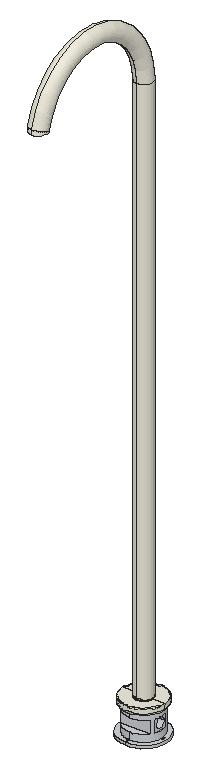
Revit family "Reece_Tap_Sussex_Scala_Curved_Basin Outlet_Floor Mounted", category Plumbing Fixtures, host Face, Revit 2018
Family settings
  Host = Face
  Round Connector Dimension = Use Diameter
  Part Type = Normal
  Cut with Voids When Loaded = No
  Shared = Yes
  Room Calculation Point = Yes
Parameters (values of type "250 mm_PVD Brushed Platinum Gold")
  WFU = 0  # constant formula
  URL = "https://www.reece.com.au/product/-2268227"
  Type Comments = "Tap"
  Reece_Tap_Reach = 250 mm  # constant formula
  Reece_Tap_Inlet = 15 mm  # constant formula
  Reece_Tap_Clearance = 1080 mm  # constant formula
  Reece_Product_Web Page = "https://www.reece.com.au/product/-2268227"
  Reece_Product_Type = "Tap"  # constant formula
  Reece_Product_Sub Brand = "Scala"  # constant formula
  Reece_Product_Number = "2268227"
  Reece_Product_Mount = "Floor Mounted"
  Reece_Product_Description = "Sussex Scala Floor Mounted Basin Outlet Curved LUX PVD Brushed Platinum Gold (5 Star)"
  Reece_Product_Brand = "Sussex"  # constant formula
  Reece_Overall_Projection = 140 mm  # constant formula
  Reece_Overall_Height = 1200 mm  # constant formula
  Reece_Overall_Diameter = 80 mm  # constant formula
  Reece_Material_Main = Reece_PVD_Brushed_Platinum Gold
  Reece_Detail_Type = "Basin Outlet"  # constant formula
  Reece_Detail_Shape = "Curved"  # constant formula
  Reece_Detail_Disclaimer = "THIS FILE IS THE PROPERTY OF THE REECE GROUP. IT MAY NOT BE REPRODUCED, REVERSE-ENGINEERED OR MODIFIED. ANY REPUBLICATION, TRANSMISSION OR DISTRIBUTION FOR THE PURPOSE OF COMMERCIALLY EXPLOITING THE FILES IS PROHIBITED."  # constant formula
  Reece_Detail_Additional = ""
  Model = "Scala"
  Manufacturer = "Sussex"
  Keynote = "Product #2268227, Reece_Tap_Sussex_Scala_Curved_Basin Outlet_Floor Mounted - 250 mm_PVD Brushed Platinum Gold"
  HWFU = 0  # constant formula
  Disclaimer = "THIS FILE IS THE PROPERTY OF THE REECE GROUP. IT MAY NOT BE REPRODUCED, REVERSE-ENGINEERED OR MODIFIED. ANY REPUBLICATION, TRANSMISSION OR DISTRIBUTION FOR THE PURPOSE OF COMMERCIALLY EXPLOITING THE FILES IS PROHIBITED."  # constant formula
  Description = "Scala Floor Mounted Basin Outlet Curved LUX PVD Brushed Platinum Gold"
  Default Elevation = 1000 mm
  CWFU = 0  # constant formula
Types (2, lengths in mm): name | URL | Reece_Product_Web Page | Reece_Product_Number | Reece_Product_Description | Reece_Material_Main | Keynote | Description
  250 mm_Chrome | "https://www.reece.com.au/product/-2263595" | "https://www.reece.com.au/product/-2263595" | "2263595" | "Sussex Scala Floor Mounted Basin Outlet Curved Chrome (5 Star)" | Reece_Brass_Chrome | "Product #2263595, Reece_Tap_Sussex_Scala_Curved_Basin Outlet_Floor Mounted - 250 mm_Chrome" | "Scala Floor Mounted Basin Outlet Curved Chrome"
  250 mm_PVD Brushed Platinum Gold | "https://www.reece.com.au/product/-2268227" | "https://www.reece.com.au/product/-2268227" | "2268227" | "Sussex Scala Floor Mounted Basin Outlet Curved LUX PVD Brushed Platinum Gold (5 Star)" | Reece_PVD_Brushed_Platinum Gold | "Product #2268227, Reece_Tap_Sussex_Scala_Curved_Basin Outlet_Floor Mounted - 250 mm_PVD Brushed Platinum Gold" | "Scala Floor Mounted Basin Outlet Curved LUX PVD Brushed Platinum Gold"
Reference planes
  plane 1 "Center (Front/Back)": y = 0
  plane 2 "Bottom": z = 0
  plane 3 "Center (Left/Right)": x = 0
  plane 4 "Top": z = 1200
  plane 5: x = 22.5
  plane 6: x = -22.5
  plane 7: z = 1080
  plane 8: y = -250
  plane 9: x = -16
  plane 10: x = 16
  plane 11: z = 10
Forms (mm)
  Revolve 1, solid, material "Reece_PVD_Brushed_Platinum Gold" <- "Reece_Material_Main"
    sketch origin (0, 0, 215.6) x (-1, 0, 0) y (0, 0, 1)
      loop
        line (0, -201.707) -> (-16, -201.707) -> (-16, -205.1)
        arc (-16, -205.1) -> (-16.146, -205.454) -> (-16.5, -205.6) r 0.5
        line (-16.5, -205.6) -> (-39.5, -205.6)
        arc (-39.5, -205.6) -> (-39.854, -205.746) -> (-40, -206.1) r 0.5
        line (-40, -206.1) -> (-40, -215.1)
        arc (-40, -215.1) -> (-39.854, -215.454) -> (-39.5, -215.6) r 0.5
        line (-39.5, -215.6) -> (0, -215.6) -> (0, -201.707)
      axis (0, -201.707) -> (0, -215.6)
    angle from 0 to 360
  Sweep 2, solid, material "Reece_PVD_Brushed_Platinum Gold" <- "Reece_Material_Main"
    path origin (0, 0, -5) x (0, 1, 0) y (0, 0, 1)
      loop
        line (0, 17) -> (0, 1062.811)
        arc (0, 1062.811) -> (-112.785, 1188.071) -> (-249.148, 1088.998) r 125.95
        line (-249.148, 1088.998) -> (-252.266, 1074.325)
    profile origin (0, 0, 534.906) x (0, -1, 0) y (1, 0, 0)
      loop
        circle (0, 0) r 16
  Revolve 3, solid, material "Reece_PVD_Brushed_Platinum Gold" <- "Reece_Material_Main"
    sketch origin (0, -106.652, 799.496) x (0, 0, 1) y (0, -1, 0)
      loop
        line (284.207, 143.348) -> (284.207, 158.22) -> (280.504, 158.22) -> (280.504, 156.896) -> (281.692, 156.896) -> (281.692, 154.606) -> (282.489, 154.606) -> (282.489, 143.348) -> (284.207, 143.348)
      axis (284.207, 143.348) -> (280.504, 143.348)
    angle from 0 to 360
  Extrusion 4, void
    sketch origin (0, 0, 0) x (0, 1, 0) y (0, 0, 1)
      loop
        line (-231.425, 1080) -> (-269.281, 1080) -> (-269.281, 1063.086) -> (-231.425, 1063.086) -> (-231.425, 1080)
    from -17.16 to 23.451
  Revolve 5, solid
    sketch origin (0, -4579.5, 333.442) x (0, 0, 1) y (0, -1, 0)
      loop
        line (-336.553, -4579.5) -> (-336.553, -4553.526) -> (-331.553, -4553.526) -> (-331.553, -4542.03) -> (-333.442, -4542.03) -> (-333.442, -4545.8) -> (-383.778, -4545.8) -> (-383.778, -4535.8) -> (-388.778, -4535.8) -> (-388.778, -4579.5) -> (-336.553, -4579.5)
      axis (-388.778, -4579.5) -> (-331.553, -4579.5)
    angle from 0 to 360
  Extrusion 6, void
    sketch origin (0, 0, 0) x (0, 1, 0) y (0, 0, 1)
      loop
        line (38.7, -12.633) -> (18.7, -12.633) -> (18.7, -37.702) -> (38.7, -37.702) -> (38.7, -12.633)
      loop
        line (-38.7, -12.633) -> (-38.7, -37.702) -> (-18.7, -37.702) -> (-18.7, -12.633) -> (-38.7, -12.633)
      loop
        circle (0, -25.168) r 10
    from -49.489 to 64.941
  Extrusion 7, void
    sketch origin (0, 0, 0) x (1, 0, 0) y (0, 1, 0)
      loop
        circle (37.73, 0) r 2.12
      loop
        circle (-37.73, 0) r 2.12
      loop
        circle (0, 37.73) r 2.12
      loop
        circle (0, -37.73) r 2.12
    from -70.605 to -31.667
  Extrusion 8, void
    sketch origin (0, 0, 0) x (1, 0, 0) y (0, 0, 1)
      loop
        line (31.345, -12.633) -> (31.345, -37.702) -> (41.345, -37.702) -> (41.345, -12.633) -> (31.345, -12.633)
      loop
        line (-31.345, -12.633) -> (-41.345, -12.633) -> (-41.345, -37.702) -> (-31.345, -37.702) -> (-31.345, -12.633)
    from -31.595 to 44.145
  Extrusion 9, void
    sketch origin (0, 0, 0) x (1, 0, 0) y (0, 1, 0)
      loop
        circle (0, 0) r 37.5
    from -15.592 to 5.228
  Revolve 10, solid
    sketch origin (5, 0, 0) x (1, 0, 0) y (0, 0, 1)
      loop
        line (-9.945, -3.111) -> (-9.945, 3.041) -> (-12.999, 3.041) -> (-12.999, -3.111) -> (-9.945, -3.111)
      axis (-9.945, 3.041) -> (-9.945, -3.111)
    angle from 0 to 360
  Revolve 11, solid
    sketch origin (-5, 0, 0) x (-1, 0, 0) y (0, 0, 1)
      loop
        line (-9.945, -3.111) -> (-9.945, 3.041) -> (-12.999, 3.041) -> (-12.999, -3.111) -> (-9.945, -3.111)
      axis (-9.945, 3.041) -> (-9.945, -3.111)
    angle from 0 to 360
  Extrusion 12, solid
    sketch origin (0, -3.055, 0) x (1, 0, 0) y (0, 1, 0)
      loop
        line (-1.652, 4.956) -> (-4.945, 6.857) -> (-8.238, 4.956) -> (-8.238, 1.154) -> (-4.945, -0.747) -> (-1.652, 1.154) -> (-1.652, 4.956)
      loop
        line (1.652, 4.956) -> (1.652, 1.154) -> (4.945, -0.747) -> (8.238, 1.154) -> (8.238, 4.956) -> (4.945, 6.857) -> (1.652, 4.956)
    from 3.041 to 5.228
Cuts and joins
  Extrusion 9 cuts Revolve 1
  Extrusion 4, Extrusion 9 cuts Sweep 2
  Extrusion 9 cuts Revolve 3
  joined: Revolve 1, Sweep 2, Revolve 3
  Extrusion 6, Extrusion 7, Extrusion 8 cuts Revolve 5
Text (mm)
  text "Reece Copyright © 2018, Reece Ltd." at (-370.184, -201.3, 0), in view "Ref. Level"
  text "Reece ©" at (44.384, 258.95, 192.345), in view "Reece Preview"
Dimensions and locks
  "Reece_Overall_Height": plane 4 "Top" to host face
  "Reece_Overall_Height": plane 4 "Top" to plane 2 "Bottom"
  plane 6 to plane 5 = 45 mm
  "Reece_Tap_Clearance": plane 7 to plane 2 "Bottom"
  "Reece_Tap_Reach": plane 1 "Center (Front/Back)" to plane 8
  plane 9 to plane 10 = 32 mm
  plane 11 to host face = 10 mm
  aligned and locked: plane 2 "Bottom" to host face
  aligned and locked: level to host face
Automatic sketch dimensions
  host sketch curve to host sketch curve = 380.785 mm
  host sketch curve to host sketch curve = 317.421 mm
  Extrusion 4 sketch curve to plane 7 = 0 mm
  plane 8 to Extrusion 4 sketch curve = 19.281 mm
  Extrusion 4 sketch curve to plane 7 = 16.914 mm
  Extrusion 4 sketch curve to plane 8 = 18.575 mm
  Revolve 3 sketch curve to plane 7 = 0 mm
  Revolve 3 sketch curve to plane 8 = 0 mm  (x2)
  plane 7 to Revolve 3 sketch curve = 1.188 mm
  Revolve 3 sketch curve to Revolve 3 sketch curve = 2.516 mm
  plane 8 to Revolve 3 sketch curve = 11.258 mm
  Revolve 3 sketch curve to Revolve 3 sketch curve = 2.29 mm
  Revolve 3 sketch curve to Revolve 3 sketch curve = 1.324 mm
  Revolve 3 sketch curve to Revolve 3 sketch curve = 0.797 mm
  Revolve 3 sketch curve to Revolve 3 sketch curve = 2.297 mm
  Revolve 3 sketch curve to Revolve 3 sketch curve = 15 mm
  Sweep 2 sketch curve to plane 1 "Center (Front/Back)" = 0 mm
  Sweep 2 sketch curve to plane 7 = 22.189 mm
  Sweep 2 sketch curve to plane 8 = 124.05 mm
  Sweep 2 sketch curve to plane 8 = 0.852 mm
  plane 8 to Sweep 2 sketch curve = 2.266 mm
  Sweep 2 sketch curve to plane 7 = 10.675 mm
  Revolve 5 sketch curve to plane 1 "Center (Front/Back)" = 0 mm  (x2)
  level to Revolve 5 sketch curve = 0 mm
  Revolve 5 sketch curve to level = 3.111 mm
  Revolve 5 sketch curve to Revolve 5 sketch curve = 47.225 mm
  Revolve 5 sketch curve to Revolve 5 sketch curve = 5 mm
  level to Revolve 5 sketch curve = 1.889 mm
  plane 1 "Center (Front/Back)" to Revolve 5 sketch curve = 25.974 mm
  Revolve 5 sketch curve to Revolve 5 sketch curve = 7.726 mm
  Revolve 5 sketch curve to Revolve 5 sketch curve = 3.77 mm
  Revolve 5 sketch curve to Revolve 5 sketch curve = 10 mm
  Revolve 5 sketch curve to level = 1.522 mm
  Revolve 5 sketch curve to Revolve 5 sketch curve = 24.993 mm
  Extrusion 6 sketch curve to plane 1 "Center (Front/Back)" = 0 mm
  plane 1 "Center (Front/Back)" to Extrusion 6 sketch curve = 18.7 mm
  Extrusion 6 sketch curve to Extrusion 6 sketch curve = 20 mm  (x2)
  Extrusion 6 sketch curve to plane 1 "Center (Front/Back)" = 18.7 mm
  Extrusion 6 sketch curve to level = 37.702 mm
  Extrusion 6 sketch curve to Extrusion 6 sketch curve = 0 mm
  Extrusion 6 sketch curve to Extrusion 6 sketch curve = 12.534 mm
  Extrusion 6 sketch curve to level = 12.633 mm  (x2)
  plane 1 "Center (Front/Back)" to Extrusion 7 sketch curve = 0 mm  (x2)
  Extrusion 7 sketch curve to plane 3 "Center (Left/Right)" = 0 mm  (x2)
  plane 6 to Extrusion 7 sketch curve = 15.23 mm
  plane 5 to Extrusion 7 sketch curve = 15.23 mm
  plane 1 "Center (Front/Back)" to Extrusion 7 sketch curve = 37.73 mm
  Extrusion 7 sketch curve to plane 1 "Center (Front/Back)" = 37.73 mm
  plane 6 to Extrusion 8 sketch curve = 18.845 mm
  plane 6 to Extrusion 8 sketch curve = 8.845 mm
  plane 5 to Extrusion 8 sketch curve = 8.845 mm
  Extrusion 8 sketch curve to Extrusion 8 sketch curve = 10 mm
  Extrusion 8 sketch curve to level = 37.702 mm  (x2)
  Extrusion 8 sketch curve to level = 12.633 mm  (x2)
  plane 1 "Center (Front/Back)" to Extrusion 9 sketch curve = 0 mm
  Extrusion 9 sketch curve to plane 3 "Center (Left/Right)" = 0 mm
  Revolve 10 sketch curve to level = 3.111 mm
  Revolve 10 sketch curve to plane 3 "Center (Left/Right)" = 7.999 mm
  Revolve 10 sketch curve to Revolve 10 sketch curve = 3.055 mm
  level to Revolve 10 sketch curve = 3.041 mm
  Revolve 10 sketch curve to level = 0.97 mm
  Revolve 10 sketch curve to Revolve 10 sketch curve = 0 mm
  Revolve 10 sketch curve to Revolve 10 sketch curve = 1.902 mm
  level to Revolve 11 sketch curve = 3.111 mm
  Revolve 11 sketch curve to plane 3 "Center (Left/Right)" = 7.999 mm
  Revolve 11 sketch curve to Revolve 11 sketch curve = 3.055 mm
  Revolve 11 sketch curve to level = 3.041 mm
  level to Revolve 11 sketch curve = 0.97 mm
  Revolve 11 sketch curve to Revolve 11 sketch curve = 0 mm
  Revolve 11 sketch curve to Revolve 11 sketch curve = 1.902 mm
  plane 1 "Center (Front/Back)" to Extrusion 12 sketch curve = 1.901 mm  (x4)
  Extrusion 12 sketch curve to plane 9 = 7.762 mm
  Extrusion 12 sketch curve to Extrusion 12 sketch curve = 3.293 mm  (x5)
  Extrusion 12 sketch curve to plane 3 "Center (Left/Right)" = 1.652 mm
  plane 3 "Center (Left/Right)" to Extrusion 12 sketch curve = 1.652 mm
  Extrusion 12 sketch curve to Extrusion 12 sketch curve = 1.901 mm
  plane 1 "Center (Front/Back)" to Extrusion 12 sketch curve = 3.802 mm
  Extrusion 12 sketch curve to plane 1 "Center (Front/Back)" = 1.901 mm  (x4)
  Extrusion 12 sketch curve to plane 1 "Center (Front/Back)" = 3.802 mm  (x2)
  level to Sweep 2 sketch curve = 12 mm
  Revolve 1 sketch curve to plane 11 = 0 mm
  Revolve 1 sketch curve to level = 0 mm
  plane 10 to Revolve 1 sketch curve = 0 mm
  Revolve 1 sketch curve to plane 3 "Center (Left/Right)" = 0 mm  (x2)
  Revolve 1 sketch curve to Revolve 1 sketch curve = 0.5 mm  (x2)
  Revolve 1 sketch curve to plane 11 = 0.5 mm
  plane 5 to Revolve 1 sketch curve = 17 mm
  plane 11 to Revolve 1 sketch curve = 3.893 mm
  Revolve 1 sketch curve to plane 11 = 2.4 mm
  Revolve 1 sketch curve to Revolve 1 sketch curve = 68.707 mm
  Sweep 2 sketch curve to plane 3 "Center (Left/Right)" = 0 mm
  Sweep 2 sketch curve to profile plane = 0 mm
  radius of Sweep 2 sketch curve = 16 mm
  radius of Extrusion 6 sketch curve = 10 mm
  radius of Extrusion 7 sketch curve = 2.12 mm  (x4)
  radius of Extrusion 9 sketch curve = 37.5 mm
Connectors
  piping at (-31.345, 0, -25.168), diameter 15, driven by "Reece_Tap_Inlet"
    settings: on cut or joined group of Revolve 5, Extrusion 6, Extrusion 7, Extrusion 8, index 1, connector inside diameter 609.6 mm, connector length 0 mm, flow factor 0, pipe flow 0.0 L/s, pressure drop 0.0 Pa, fitting loss kfactor 0, connector angle 0.00°, fixture units 0, engagement length 0 mm, angle of deflection 0.00°, flow configuration 0, flow direction 1, fitting loss method 0, system type 29, joint type 0, gender type 0, connector reference index -1, connector utility 0, adjustable connector no, is connector primary yes, connector description ""
  piping at (31.345, 0, -25.168), diameter 15, driven by "Reece_Tap_Inlet"
    settings: on cut or joined group of Revolve 5, Extrusion 6, Extrusion 7, Extrusion 8, index 2, connector inside diameter 609.6 mm, connector length 0 mm, flow factor 0, pipe flow 0.0 L/s, pressure drop 0.0 Pa, fitting loss kfactor 0, connector angle 0.00°, fixture units 0, engagement length 0 mm, angle of deflection 0.00°, flow configuration 0, flow direction 1, fitting loss method 0, system type 29, joint type 0, gender type 0, connector reference index -1, connector utility 0, adjustable connector no, is connector primary no, connector description ""
